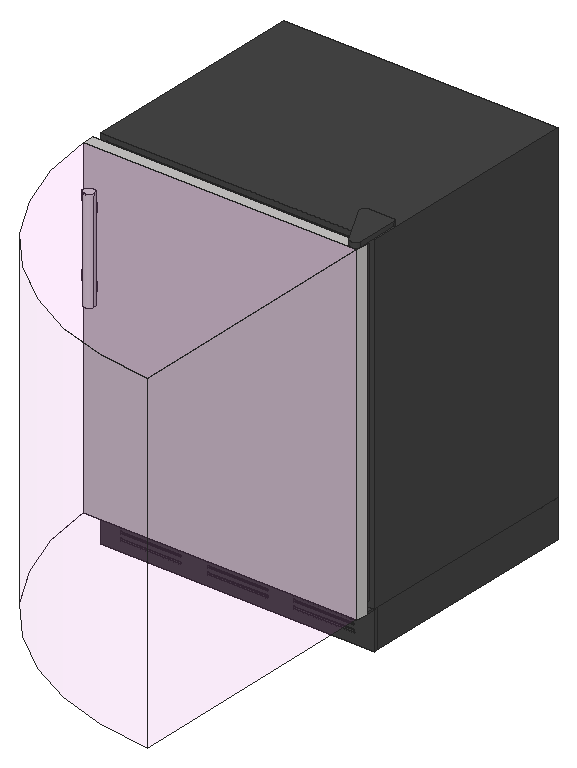
Revit family "QF_Summit_FF708BLSS_Refrigerator", category Specialty Equipment, Revit 2020
Family settings
  Round Connector Dimension = Use Diameter
  Part Type = Normal
  Work Plane-Based = No
  Always vertical = Yes
  Cut with Voids When Loaded = No
  Shared = No
  Room Calculation Point = No
Parameters
  Weight in Pounds = 100
  Watts = Volts * FL Amps  # 92 W
  Volts = 115 V
  URL Cutsheet = ""
  Specification by User = ""
  Specification by Manufacturer = ""
  Show LHD [instance] = no
  Right Hinged Door [instance] = not(Show LHD)  # yes
  Serial Number = ""
  Seismic Rating = ""
  SMACNA No = ""
  Revision Code = ""
  Refrigerant Volume = 0.00 kip
  Refrigerant Type = "R600a"
  Phase = 1
  Number of Poles = 1
  NAFEM Spec ID Number = ""
  Model = "FF708BLSS"
  Min Ckt Ampacity = 0 A
  Max Overcurrent Protection = 0 A
  Masterspec = ""
  Manufacturer = "Summit"
  Length = 23 5/8"
  Item Number = ""
  Installed By = ""
  Identify Quantity as Lot = yes
  Height = 32.63"
  HP = ""
  Furnished By = ""
  Foodservice Equipment Identifier = yes
  FL Amps = 0.8 A
  Electrical Remarks = ""
  Electric Connection Type = ""
  Elec Conn RI Height = 0"
  Elec Conn Connection Height = 0"
  Description = "Refrigerator"
  Depth = 22 3/8"
  Default Elevation = 0"
  Cycle = 60 Hz
  Conn Plug = ""
  Conn Conduit = yes
  CSI MasterFormat = ""
  BTUH = 0.0 Btu/h
  Apparent Power = if(Phase = 3, Volts * FL Amps * 1.73, Volts * FL Amps)  # 92 VA
Reference planes (in)
  plane 1 "BACK": y = 0
  plane 2: z = 0
  plane 3 "LEFT": x = 0
  plane 4 "RIGHT": x = 23.625
  plane 5 "FRONT": y = -22.375
  plane 6 "TOP": z = 32.63
  plane 7 "Center Y": x = 11.8125
  plane 8 "Center X": y = -11.1875
  plane 9: z = 32.255
  plane 10: y = -24
  plane 11: y = -45
  plane 12: y = -0.75
  plane 13: y = -20.5
  plane 14: z = 0.375
  plane 15: z = 3.625
  plane 16: x = 17.46169
Forms (in)
  Extrusion 1, solid, material "QF_Metallic_Paint_Black_Smooth"
    sketch origin (-4.07558, -180, 0.505) x (-1, 0, 0) y (0, -1, 0)
      loop
        line (-4.07558, -179.25) -> (-4.07558, -159.5) -> (-27.70058, -159.5) -> (-27.70058, -179.25) -> (-4.07558, -179.25)
    from 3.12 to 31.75
  Extrusion 2, solid, material "QF_Metal_Stainless_Polished"
    sketch origin (-5.77638, -180, 3.755) x (-1, 0, 0) y (0, -1, 0)
      loop
        line (-5.77638, -157.625) -> (-29.40138, -157.625) -> (-29.40138, -158.625) -> (-5.77638, -158.625) -> (-5.77638, -157.625)
    from -0.13 to 28.5
  Extrusion 3, solid, material "QF_Metallic_Paint_Black_Smooth"
    sketch origin (23.5, -21.375, 3.755) x (-1, 0, 0) y (0, 0, 1)
      loop
        line (0.375, 0.37) -> (23, 0.37) -> (23, 28) -> (0.375, 28) -> (0.375, 0.37)
    from 0 to 0.875
  Extrusion 4, solid, material "QF_Metallic_Paint_Black_Smooth", visible <- "Right Hinged Door"
    sketch origin (-5.77638, -180, 32.255) x (-1, 0, 0) y (0, -1, 0)
      loop
        arc (-29.27619, -161.7403) -> (-29.20297, -161.91708) -> (-29.02619, -161.9903) r 0.25
        line (-29.02619, -161.9903) -> (-26.9149, -161.9903)
        arc (-26.9149, -161.9903) -> (-26.55876, -161.78675) -> (-26.55339, -161.37658) r 0.41333
        line (-26.55339, -161.37658) -> (-28.47012, -157.91871)
        arc (-28.47012, -157.91871) -> (-28.95386, -157.71088) -> (-29.27619, -158.12717) r 0.42999
        line (-29.27619, -158.12717) -> (-29.27619, -161.7403)
    from 0 to 0.375
  Extrusion 5, solid, material "QF_Metal_Stainless_Polished", visible <- "Right Hinged Door"
    sketch origin (-1.6459, -180, 28.57544) x (-1, 0, 0) y (0, -1, 0)
      loop
        line (-1.6459, -158.625) -> (-1.5209, -158.625) -> (-1.5209, -157.55854) -> (-2.72981, -156.74311) -> (-3.38781, -156.74311) -> (-3.38781, -156.86811) -> (-2.76803, -156.86811) -> (-1.6459, -157.625) -> (-1.6459, -158.625)
    from 0 to -0.75
  Extrusion 6, solid, material "QF_Metal_Stainless_Polished", visible <- "Right Hinged Door"
    sketch origin (-4.89398, -180, 20.755) x (-1, 0, 0) y (0, -1, 0)
      loop
        circle (-6.30689, -156.43406) r 0.43516
    from 0 to 8.75
  Extrusion 7, solid, material "QF_Metal_Stainless_Polished", visible <- "Right Hinged Door"
    sketch origin (-1.6459, -180, 21.68456) x (0, 1, 0) y (1, 0, 0)
      loop
        line (158.625, 1.6459) -> (157.625, 1.6459) -> (156.86811, 2.76803) -> (156.86811, 3.38781) -> (156.74311, 3.38781) -> (156.74311, 2.72981) -> (157.55854, 1.5209) -> (158.625, 1.5209) -> (158.625, 1.6459)
    from 0 to -0.75
  Extrusion 8, solid, material "QF_Metallic_Paint_Black_Smooth", visible <- "Right Hinged Door"
    sketch origin (-5.77638, -180, 3.625) x (-1, 0, 0) y (0, -1, 0)
      loop
        line (-29.27619, -159.5) -> (-27.5936, -159.5) -> (-28.47012, -157.91871)
        arc (-28.47012, -157.91871) -> (-28.95386, -157.71088) -> (-29.27619, -158.12717) r 0.42999
        line (-29.27619, -158.12717) -> (-29.27619, -159.5)
    from 0 to -0.125
  Extrusion 9, solid, material "QF_Metallic_Paint_Black_Smooth"
    sketch origin (-12.48311, -20.5, 48.25) x (-1, 0, 0) y (0, 0, 1)
      loop
        line (-12.48311, -44.625) -> (-36.10811, -44.625) -> (-36.10811, -47.875) -> (-12.48311, -47.875) -> (-12.48311, -44.625)
      loop
        line (-14.18872, -45.26011) -> (-19.43872, -45.26011) -> (-19.43872, -45.51011) -> (-14.18872, -45.51011) -> (-14.18872, -45.26011)
      loop
        line (-14.18872, -45.76011) -> (-19.43872, -45.76011) -> (-19.43872, -46.01011) -> (-14.18872, -46.01011) -> (-14.18872, -45.76011)
      loop
        line (-14.18872, -46.26011) -> (-19.43872, -46.26011) -> (-19.43872, -46.51011) -> (-14.18872, -46.51011) -> (-14.18872, -46.26011)
      loop
        line (-14.18872, -46.76011) -> (-19.43872, -46.76011) -> (-19.43872, -47.01011) -> (-14.18872, -47.01011) -> (-14.18872, -46.76011)
      loop
        line (-21.67061, -45.26011) -> (-26.92061, -45.26011) -> (-26.92061, -45.51011) -> (-21.67061, -45.51011) -> (-21.67061, -45.26011)
      loop
        line (-21.67061, -45.76011) -> (-26.92061, -45.76011) -> (-26.92061, -46.01011) -> (-21.67061, -46.01011) -> (-21.67061, -45.76011)
      loop
        line (-21.67061, -46.26011) -> (-26.92061, -46.26011) -> (-26.92061, -46.51011) -> (-21.67061, -46.51011) -> (-21.67061, -46.26011)
      loop
        line (-21.67061, -46.76011) -> (-26.92061, -46.76011) -> (-26.92061, -47.01011) -> (-21.67061, -47.01011) -> (-21.67061, -46.76011)
      loop
        line (-34.40249, -45.26011) -> (-34.40249, -45.51011) -> (-29.15249, -45.51011) -> (-29.15249, -45.26011) -> (-34.40249, -45.26011)
      loop
        line (-34.40249, -45.76011) -> (-34.40249, -46.01011) -> (-29.15249, -46.01011) -> (-29.15249, -45.76011) -> (-34.40249, -45.76011)
      loop
        line (-34.40249, -46.26011) -> (-34.40249, -46.51011) -> (-29.15249, -46.51011) -> (-29.15249, -46.26011) -> (-34.40249, -46.26011)
      loop
        line (-34.40249, -46.76011) -> (-34.40249, -47.01011) -> (-29.15249, -47.01011) -> (-29.15249, -46.76011) -> (-34.40249, -46.76011)
    from 0 to 0.25
  Extrusion 10, solid, material "QF_Metallic_Paint_Black_Smooth"
    sketch origin (-12.48311, -1, 48.38) x (-1, 0, 0) y (0, 0, 1)
      loop
        line (-12.48311, -44.755) -> (-36.10811, -44.755) -> (-36.10811, -48.005) -> (-12.48311, -48.005) -> (-12.48311, -44.755)
    from -19.25 to 0.25
  Extrusion 11, solid, material "QF_Metallic_Paint_Black_Smooth"
    sketch origin (-4.07558, -180, 0.375) x (-1, 0, 0) y (0, -1, 0)
      loop
        circle (-7.18598, -161.5) r 0.5
      loop
        circle (-7.18598, -177.25) r 0.5
      loop
        circle (-24.59018, -161.5) r 0.5
      loop
        circle (-24.59018, -177.25) r 0.5
    from 0 to -0.375
  Extrusion 12, solid, material "QF_Metal_Stainless_Polished"
    sketch origin (0, -0.75, 0.505) x (1, 0, 0) y (0, 0, -1)
      loop
        circle (17.46169, -0.84184) r 0.25
    from 0 to 0.25
  Extrusion 13, solid, material "QF_Metallic_Paint_Black_Smooth"
    sketch origin (0, -0.75, 18.005) x (0, -1, 0) y (1, 0, 0)
      loop
        line (-0.75, 9.30778) -> (0, 9.30778) -> (0, 14.31722) -> (-0.75, 14.31722) -> (-0.75, 9.30778)
    from -3 to 3
  Extrusion 14, solid, material "QF_Clearances_Door_Drawer", visible <- "Right Hinged Door"
    sketch origin (-5.77638, -180, 3.625) x (0, -1, 0) y (-1, 0, 0)
      loop
        line (-157.625, -29.40138) -> (-135, -29.40138)
        arc (-135, -29.40138) -> (-141.73517, -13.2053) -> (-157.625, -5.77638) r 24.27307
        line (-157.625, -5.77638) -> (-157.625, -29.40138)
    from 0 to -28.63
  Extrusion 15, solid, material "QF_Metallic_Paint_Black_Smooth", visible <- "Show LHD"
    sketch origin (29.40138, -180, 32.255) x (1, 0, 0) y (0, 1, 0)
      loop
        line (-29.27619, 161.7403) -> (-29.27619, 158.12717)
        arc (-29.27619, 158.12717) -> (-28.95386, 157.71088) -> (-28.47012, 157.91871) r 0.42999
        line (-28.47012, 157.91871) -> (-26.55339, 161.37658)
        arc (-26.55339, 161.37658) -> (-26.55876, 161.78675) -> (-26.9149, 161.9903) r 0.41333
        line (-26.9149, 161.9903) -> (-29.02619, 161.9903)
        arc (-29.02619, 161.9903) -> (-29.20297, 161.91708) -> (-29.27619, 161.7403) r 0.25
    from 0 to 0.375
  Extrusion 16, solid, material "QF_Metal_Stainless_Polished", visible <- "Show LHD"
    sketch origin (25.2709, -180, 28.57544) x (1, 0, 0) y (0, 1, 0)
      loop
        line (-1.6459, 158.625) -> (-1.6459, 157.625) -> (-2.76803, 156.86811) -> (-3.38781, 156.86811) -> (-3.38781, 156.74311) -> (-2.72981, 156.74311) -> (-1.5209, 157.55854) -> (-1.5209, 158.625) -> (-1.6459, 158.625)
    from 0 to -0.75
  Extrusion 17, solid, material "QF_Metal_Stainless_Polished", visible <- "Show LHD"
    sketch origin (28.51898, -180, 20.755) x (1, 0, 0) y (0, 1, 0)
      loop
        circle (-6.30689, 156.43406) r 0.43516
    from 0 to 8.75
  Extrusion 18, solid, material "QF_Metal_Stainless_Polished", visible <- "Show LHD"
    sketch origin (25.2709, -180, 21.68456) x (0, -1, 0) y (-1, 0, 0)
      loop
        line (-158.625, 1.6459) -> (-158.625, 1.5209) -> (-157.55854, 1.5209) -> (-156.74311, 2.72981) -> (-156.74311, 3.38781) -> (-156.86811, 3.38781) -> (-156.86811, 2.76803) -> (-157.625, 1.6459) -> (-158.625, 1.6459)
    from 0 to -0.75
  Extrusion 19, solid, material "QF_Metallic_Paint_Black_Smooth", visible <- "Show LHD"
    sketch origin (29.40138, -180, 3.625) x (1, 0, 0) y (0, 1, 0)
      loop
        line (-29.27619, 159.5) -> (-29.27619, 158.12717)
        arc (-29.27619, 158.12717) -> (-28.95386, 157.71088) -> (-28.47012, 157.91871) r 0.42999
        line (-28.47012, 157.91871) -> (-27.5936, 159.5) -> (-29.27619, 159.5)
    from 0 to -0.125
  Extrusion 20, solid, material "QF_Clearances_Door_Drawer", visible <- "Show LHD"
    sketch origin (29.40138, -180, 3.625) x (0, 1, 0) y (1, 0, 0)
      loop
        line (157.625, -29.40138) -> (157.625, -5.77638)
        arc (157.625, -5.77638) -> (141.73517, -13.2053) -> (135, -29.40138) r 24.27307
        line (135, -29.40138) -> (157.625, -29.40138)
    from 0 to -28.63
Lines and regions (in)
  symbolic lines
    curve 1: line (0, -0.75, 0) -> (23.625, -0.75, 0)
    curve 2: line (0, -20.5, 0) -> (0, -0.75, 0)
    curve 3: line (23.625, -20.5, 0) -> (23.49982, -20.5, 0)
    curve 4: line (23.625, -0.75, 0) -> (23.625, -20.5, 0)
    curve 5: line (21.81722, -20.5, 0) -> (1.80778, -20.5, 0)
    curve 12: line (23.625, -22.375, 0) -> (0, -22.375, 0)
    curve 13: line (0, -21.375, 0) -> (0, -22.375, 0)
    curve 14: line (23.625, -21.375, 0) -> (23.49982, -21.375, 0)
    curve 15: line (23.625, -22.375, 0) -> (23.625, -21.375, 0)
    curve 16: line (22.30224, -21.375, 0) -> (1.32276, -21.375, 0)
    curve 28: line (9.30778, -0.75, 0) -> (9.30778, 0, 0)
    curve 29: line (9.30778, 0, 0) -> (14.31722, 0, 0)
    curve 30: line (14.31722, 0, 0) -> (14.31722, -0.75, 0)
    curve 42: line (0.12518, -20.5, 0) -> (0, -20.5, 0)
    curve 44: line (0.12518, -21.375, 0) -> (0, -21.375, 0)
  symbolic lines, visible <- "Right Hinged Door"
    curve 6: line (23.49982, -21.87283, 0) -> (23.49982, -18.2597, 0)
    curve 7: arc (23.49982, -18.2597, 0) -> (23.42659, -18.08292, 0) -> (23.24982, -18.0097, 0) r 0.25
    curve 8: line (23.24982, -18.0097, 0) -> (21.13852, -18.0097, 0)
    curve 9: arc (21.13852, -18.0097, 0) -> (20.78238, -18.21325, 0) -> (20.77701, -18.62342, 0) r 0.41333
    curve 10: line (20.77701, -18.62342, 0) -> (22.69374, -22.08129, 0)
    curve 11: arc (22.69374, -22.08129, 0) -> (23.17748, -22.28912, 0) -> (23.49982, -21.87283, 0) r 0.42999
    curve 17: line (-0.125, -21.375, 0) -> (-0.125, -22.44146, 0)
    curve 18: line (-0.125, -22.44146, 0) -> (1.08391, -23.25689, 0)
    curve 19: arc (0.97776, -23.56594, 0) -> (1.41291, -24.0011, 0) -> (1.84807, -23.56594, 0) r 0.43516
    curve 20: line (1.74192, -23.13189, 0) -> (1.12213, -23.13189, 0)
    curve 21: line (1.12213, -23.13189, 0) -> (0, -22.375, 0)
    curve 22: line (1.74192, -23.25689, 0) -> (1.74192, -23.13189, 0)
    curve 23: arc (1.84807, -23.56594, 0) -> (1.73137, -23.26938, 0) -> (1.44385, -23.13189, 0) r 0.43516
    curve 24: line (1.08391, -23.25689, 0) -> (1.10657, -23.25689, 0)
    curve 25: line (1.71926, -23.25689, 0) -> (1.74192, -23.25689, 0)
    curve 26: arc (1.38198, -23.13189, 0) -> (1.09446, -23.26938, 0) -> (0.97776, -23.56594, 0) r 0.43516
    curve 27: line (0.5, -21.375, 0) -> (0.5, -20.5, 0)
    curve 41: line (1.80778, -20.5, 0) -> (0.12518, -20.5, 0)
    curve 43: line (1.32276, -21.375, 0) -> (0.12518, -21.375, 0)
    curve 48: line (0, -21.375, 0) -> (-0.125, -21.375, 0)
  symbolic lines, style "QF_Clearances_Door_Drawer", visible <- "Right Hinged Door"
    curve 31: line (23.625, -22.375, 0) -> (3.7814, -33.83171, 0)
    curve 32: arc (3.7814, -33.83171, 0) -> (1.19256, -28.41738, 0) -> (0.01125, -22.53337, 0) r 24.27307
  symbolic lines, style "QF_Clearances_Door_Drawer", visible <- "Show LHD"
    curve 33: line (0, -22.375, 0) -> (19.8436, -33.83171, 0)
    curve 34: arc (19.8436, -33.83171, 0) -> (22.43244, -28.41738, 0) -> (23.61375, -22.53337, 0) r 24.27307
  symbolic lines, visible <- "Show LHD"
    curve 35: line (0.12518, -21.87283, 0) -> (0.12518, -18.2597, 0)
    curve 36: arc (0.12518, -18.2597, 0) -> (0.19841, -18.08292, 0) -> (0.37518, -18.0097, 0) r 0.25
    curve 37: line (0.37518, -18.0097, 0) -> (2.48648, -18.0097, 0)
    curve 38: arc (2.48648, -18.0097, 0) -> (2.84262, -18.21325, 0) -> (2.84799, -18.62342, 0) r 0.41333
    curve 39: line (2.84799, -18.62342, 0) -> (0.93126, -22.08129, 0)
    curve 40: arc (0.93126, -22.08129, 0) -> (0.44752, -22.28912, 0) -> (0.12518, -21.87283, 0) r 0.42999
    curve 45: line (23.125, -21.375, 0) -> (23.125, -20.5, 0)
    curve 46: line (21.81722, -20.5, 0) -> (23.49982, -20.5, 0)
    curve 47: line (22.30224, -21.375, 0) -> (23.49982, -21.375, 0)
    curve 49: line (23.75, -21.375, 0) -> (23.75, -22.44146, 0)
    curve 50: line (23.75, -22.44146, 0) -> (22.54109, -23.25689, 0)
    curve 51: arc (22.64724, -23.56594, 0) -> (22.21209, -24.0011, 0) -> (21.77693, -23.56594, 0) r 0.43516
    curve 52: line (21.88308, -23.13189, 0) -> (22.50287, -23.13189, 0)
    curve 53: line (22.50287, -23.13189, 0) -> (23.625, -22.375, 0)
    curve 54: line (21.88308, -23.25689, 0) -> (21.88308, -23.13189, 0)
    curve 55: arc (21.77693, -23.56594, 0) -> (21.89363, -23.26938, 0) -> (22.18115, -23.13189, 0) r 0.43516
    curve 56: arc (22.24302, -23.13189, 0) -> (22.53054, -23.26938, 0) -> (22.64724, -23.56594, 0) r 0.43516
    curve 57: line (23.625, -21.375, 0) -> (23.75, -21.375, 0)
    curve 58: line (22.54109, -23.25689, 0) -> (22.51843, -23.25689, 0)
    curve 59: line (21.90574, -23.25689, 0) -> (21.88308, -23.25689, 0)
Dimensions and locks (in)
  equal spacing: plane 3 "LEFT", plane 7 "Center Y", plane 4 "RIGHT"
  "Length": plane 3 "LEFT" to plane 4 "RIGHT"
  equal spacing: plane 5 "FRONT", plane 8 "Center X", plane 1 "BACK"
  "Depth": plane 5 "FRONT" to plane 1 "BACK"
  "Height": plane 6 "TOP" to level
  plane 4 "RIGHT" to plane 3 "LEFT" = 23 5/8"
  plane 9 to plane 2 = 32.255"
  plane 6 "TOP" to plane 9 = 3/8"
  plane 10 to plane 5 "FRONT" = 1 5/8"
  plane 1 "BACK" to plane 12 = 3/4"
  plane 12 to plane 13 = 19 3/4"
  plane 13 to plane 11 = 24 1/2"
  plane 12 to plane 11 = 44 1/4"
  plane 14 to plane 2 = 3/8"
  locked: plane 15 to plane 14 at 3.25
  plane 9 to plane 14 = 31.88"
  aligned and locked: level to plane 2
Automatic sketch dimensions
  Extrusion 1 sketch curve to plane 4 "RIGHT" = 0"
  Extrusion 1 sketch curve to plane 3 "LEFT" = 0"
  Extrusion 1 sketch curve to plane 12 = 0"
  Extrusion 1 sketch curve to plane 13 = 0"
  Extrusion 2 sketch curve to plane 4 "RIGHT" = 0"
  Extrusion 2 sketch curve to plane 3 "LEFT" = 0"
  plane 5 "FRONT" to Extrusion 2 sketch curve = 0"
  Extrusion 2 sketch curve to plane 13 = 7/8"
  Extrusion 2 to Extrusion 3 sketch curve = 1/2"  (x3)
  Extrusion 3 sketch curve to Extrusion 2 = 1/2"
  Extrusion 4 sketch curve to Extrusion 2 = 0.12518"
  Extrusion 4 sketch curve to Extrusion 4 sketch curve = 1/4"
  Extrusion 4 sketch curve to Extrusion 4 sketch curve = 0.42999"
  Extrusion 4 sketch curve to Extrusion 2 = 0.29371"
  Extrusion 4 sketch curve to Extrusion 4 sketch curve = 0.37608"
  Extrusion 4 sketch curve to Extrusion 4 sketch curve = 2.1113"
  Extrusion 4 sketch curve to Extrusion 4 sketch curve = 0.36151"
  Extrusion 2 to Extrusion 4 sketch curve = 2.75158"
  Extrusion 4 sketch curve to Extrusion 4 sketch curve = 0.20039"
  Extrusion 5 sketch curve to plane 3 "LEFT" = 0"
  plane 5 "FRONT" to Extrusion 5 sketch curve = 0"
  plane 3 "LEFT" to Extrusion 5 sketch curve = 1.08391"
  Extrusion 5 sketch curve to Extrusion 5 sketch curve = 0.03822"
  Extrusion 5 sketch curve to Extrusion 5 sketch curve = 0.61979"
  Extrusion 5 sketch curve to plane 3 "LEFT" = 1/8"
  Extrusion 5 sketch curve to plane 13 = 7/8"
  plane 5 "FRONT" to Extrusion 5 sketch curve = 0.06646"
  plane 5 "FRONT" to Extrusion 5 sketch curve = 0.75689"
  Extrusion 5 sketch curve to Extrusion 5 sketch curve = 1/8"
  plane 10 to Extrusion 6 sketch curve = 0.43406"
  plane 3 "LEFT" to Extrusion 6 sketch curve = 1.41291"
  Extrusion 7 sketch curve to plane 3 "LEFT" = 0"
  plane 5 "FRONT" to Extrusion 7 sketch curve = 0"
  plane 5 "FRONT" to Extrusion 7 sketch curve = 0.06646"
  plane 5 "FRONT" to Extrusion 7 sketch curve = 0.75689"
  Extrusion 7 sketch curve to Extrusion 7 sketch curve = 1/8"
  Extrusion 7 sketch curve to plane 3 "LEFT" = 1/8"
  Extrusion 7 sketch curve to plane 13 = 7/8"
  plane 3 "LEFT" to Extrusion 7 sketch curve = 1.08391"
  Extrusion 7 sketch curve to Extrusion 7 sketch curve = 0.03822"
  Extrusion 7 sketch curve to Extrusion 7 sketch curve = 0.61979"
  Extrusion 8 sketch curve to plane 13 = 0"
  plane 4 "RIGHT" to Extrusion 8 sketch curve = 0.12518"
  Extrusion 8 sketch curve to Extrusion 8 sketch curve = 0.42999"
  Extrusion 8 sketch curve to plane 5 "FRONT" = 0.29371"
  Extrusion 8 sketch curve to Extrusion 8 sketch curve = 0.37608"
  Extrusion 8 sketch curve to Extrusion 8 sketch curve = 1.6826"
  plane 4 "RIGHT" to Extrusion 9 sketch curve = 0"
  Extrusion 9 sketch curve to plane 3 "LEFT" = 0"
  Extrusion 9 sketch curve to plane 14 = 0"
  Extrusion 9 sketch curve to plane 15 = 0"
  plane 4 "RIGHT" to Extrusion 9 sketch curve = 1.70562"
  Extrusion 9 sketch curve to Extrusion 9 sketch curve = 0"  (x18)
  plane 16 to Extrusion 9 sketch curve = 0.79231"
  plane 14 to Extrusion 9 sketch curve = 0.86489"  (x2)
  Extrusion 9 sketch curve to Extrusion 9 sketch curve = 2.23188"  (x2)
  Extrusion 9 sketch curve to plane 15 = 1.13511"
  Extrusion 9 sketch curve to plane 7 "Center Y" = 2 5/8"
  plane 14 to Extrusion 9 sketch curve = 1.11489"
  plane 3 "LEFT" to Extrusion 9 sketch curve = 1.70562"
  Extrusion 9 sketch curve to Extrusion 9 sketch curve = 1/4"  (x20)
  plane 4 "RIGHT" to Extrusion 10 sketch curve = 0"
  Extrusion 10 sketch curve to plane 3 "LEFT" = 0"
  Extrusion 10 sketch curve to plane 14 = 0"
  Extrusion 10 sketch curve to plane 15 = 0"
  Extrusion 11 sketch curve to plane 16 = 3.05291"  (x2)
  plane 3 "LEFT" to Extrusion 11 sketch curve = 3.1104"  (x2)
  Extrusion 11 sketch curve to plane 12 = 2"  (x2)
  plane 13 to Extrusion 11 sketch curve = 2"  (x2)
  Extrusion 12 sketch curve to Extrusion 1 = 2.27816"
  Extrusion 12 sketch curve to Extrusion 1 = 6.16331"
  plane 1 "BACK" to Extrusion 13 sketch curve = 0"
  Extrusion 13 sketch curve to plane 12 = 0"
  Extrusion 13 sketch curve to plane 7 "Center Y" = 2.50472"
  plane 7 "Center Y" to Extrusion 13 sketch curve = 2.50472"
  Extrusion 14 sketch curve to Extrusion 2 = 0"  (x3)
  Extrusion 14 sketch curve to Extrusion 2 = 0.64083"
  Extrusion 14 sketch curve to Extrusion 14 sketch curve = 22 5/8"
  Extrusion 15 sketch curve to Extrusion 2 = 0.12518"
  Extrusion 15 sketch curve to Extrusion 15 sketch curve = 1/4"
  Extrusion 15 sketch curve to Extrusion 15 sketch curve = 0.42999"
  Extrusion 15 sketch curve to Extrusion 2 = 0.29371"
  Extrusion 15 sketch curve to Extrusion 15 sketch curve = 0.37608"
  Extrusion 15 sketch curve to Extrusion 15 sketch curve = 2.1113"
  Extrusion 15 sketch curve to Extrusion 15 sketch curve = 0.36151"
  Extrusion 2 to Extrusion 15 sketch curve = 2.75158"
  Extrusion 15 sketch curve to Extrusion 15 sketch curve = 0.20039"
  Extrusion 16 sketch curve to plane 4 "RIGHT" = 0"
  plane 5 "FRONT" to Extrusion 16 sketch curve = 0"
  plane 4 "RIGHT" to Extrusion 16 sketch curve = 1.08391"
  Extrusion 16 sketch curve to Extrusion 16 sketch curve = 0.03822"
  Extrusion 16 sketch curve to Extrusion 16 sketch curve = 0.61979"
  Extrusion 16 sketch curve to plane 4 "RIGHT" = 1/8"
  plane 5 "FRONT" to Extrusion 16 sketch curve = 0.06646"
  plane 5 "FRONT" to Extrusion 16 sketch curve = 0.75689"
  Extrusion 16 sketch curve to Extrusion 16 sketch curve = 1/8"
  Extrusion 16 sketch curve to plane 13 = 7/8"
  plane 10 to Extrusion 17 sketch curve = 0.43406"
  plane 4 "RIGHT" to Extrusion 17 sketch curve = 1.41291"
  Extrusion 18 sketch curve to plane 4 "RIGHT" = 0"
  plane 5 "FRONT" to Extrusion 18 sketch curve = 0"
  Extrusion 18 sketch curve to plane 4 "RIGHT" = 1/8"
  Extrusion 18 sketch curve to plane 13 = 7/8"
  plane 5 "FRONT" to Extrusion 18 sketch curve = 0.06646"
  plane 5 "FRONT" to Extrusion 18 sketch curve = 0.75689"
  Extrusion 18 sketch curve to Extrusion 18 sketch curve = 1/8"
  plane 4 "RIGHT" to Extrusion 18 sketch curve = 1.08391"
  Extrusion 18 sketch curve to Extrusion 18 sketch curve = 0.03822"
  Extrusion 18 sketch curve to Extrusion 18 sketch curve = 0.61979"
  Extrusion 19 sketch curve to plane 13 = 0"
  plane 3 "LEFT" to Extrusion 19 sketch curve = 0.12518"
  Extrusion 19 sketch curve to Extrusion 19 sketch curve = 0.42999"
  Extrusion 19 sketch curve to plane 5 "FRONT" = 0.29371"
  Extrusion 19 sketch curve to Extrusion 19 sketch curve = 0.37608"
  Extrusion 19 sketch curve to Extrusion 19 sketch curve = 1.6826"
  Extrusion 20 sketch curve to Extrusion 2 = 0"  (x3)
  Extrusion 20 sketch curve to Extrusion 20 sketch curve = 22 5/8"
  Extrusion 20 sketch curve to Extrusion 2 = 0.59255"
  curve 19 to curve 26 = 0"
  curve 23 to curve 26 = 0"
  curve 51 to curve 55 = 0"
  curve 51 to curve 56 = 0"
  curve 2 to plane 3 "LEFT" = 0"
  curve 33 to plane 3 "LEFT" = 0"
  curve 41 to plane 13 = 0"
  curve 42 to plane 13 = 0"
  curve 5 to plane 13 = 0"
  plane 1 "BACK" to curve 28 = 0"
  curve 28 to plane 12 = 0"
  curve 46 to plane 13 = 0"
  curve 3 to plane 13 = 0"
  curve 4 to plane 4 "RIGHT" = 0"
  curve 31 to plane 4 "RIGHT" = 0"
  plane 5 "FRONT" to curve 31 = 0"
  curve 17 to plane 3 "LEFT" = 1/8"
  curve 34 to plane 13 = 0.23417"
  curve 34 to plane 3 "LEFT" = 0.59255"
  plane 3 "LEFT" to curve 35 = 0.12518"
  curve 35 to curve 36 = 1/4"
  curve 35 to curve 40 = 0.42999"
  curve 39 to plane 5 "FRONT" = 0.29371"
  curve 40 to curve 39 = 0.37608"
  plane 10 to curve 18 = 0.74311"
  plane 3 "LEFT" to curve 18 = 1.08391"
  curve 18 to curve 21 = 0.03822"
  curve 18 to curve 19 = 0.329"
  curve 23 to curve 25 = 0.329"
  curve 37 to curve 37 = 2.1113"
  curve 38 to curve 39 = 0.36151"
  plane 3 "LEFT" to curve 31 = 3.7814"
  curve 28 to plane 7 "Center Y" = 2.50472"
  plane 7 "Center Y" to curve 30 = 2.50472"
  curve 33 to plane 16 = 2.38191"
  plane 4 "RIGHT" to curve 10 = 2.84799"
  curve 9 to curve 8 = 0.36151"
  plane 5 "FRONT" to curve 54 = 0.75689"
  plane 4 "RIGHT" to curve 54 = 1.74192"
  curve 54 to curve 56 = 0.329"
  curve 51 to curve 53 = 0.29079"
  curve 10 to plane 5 "FRONT" = 0.29371"
  plane 4 "RIGHT" to curve 10 = 0.93126"
  curve 10 to curve 11 = 0.37608"
  plane 4 "RIGHT" to curve 8 = 0.37518"
  plane 4 "RIGHT" to curve 6 = 0.12518"
  curve 49 to plane 4 "RIGHT" = 1/8"
  curve 32 to plane 13 = 0.23417"
  curve 32 to plane 4 "RIGHT" = 0.59255"
  plane 10 to curve 26 = 0.43406"
  plane 10 to curve 56 = 0.43406"
  curve 33 to plane 10 = 9.83171"
  curve 31 to plane 10 = 9.83171"
  curve 19 to curve 22 = 0.30906"
  curve 22 to curve 22 = 1/8"
  plane 5 "FRONT" to curve 17 = 0.06646"
  plane 5 "FRONT" to curve 49 = 0.06646"
  curve 11 to curve 57 = 0.49783"
  curve 40 to curve 48 = 0.49783"
  plane 13 to curve 39 = 1.87658"
  plane 13 to curve 10 = 1.87658"
  curve 9 to curve 9 = 0.20039"
  curve 38 to curve 38 = 0.20039"
  curve 41 to curve 27 = 0.37482"
  curve 19 to curve 18 = 0.10616"
  curve 40 to curve 43 = 0.3915"
  curve 16 to curve 43 = 0"
  curve 55 to curve 54 = 0.10616"
  curve 47 to curve 16 = 0"
  curve 52 to curve 58 = 0.03822"
  curve 45 to curve 3 = 0.37482"
  plane 4 "RIGHT" to curve 34 = 0.01125"
  curve 54 to curve 52 = 1/8"
  radius of Extrusion 6 sketch curve = 0.43516"
  radius of Extrusion 11 sketch curve = 1/2"  (x4)
  radius of Extrusion 12 sketch curve = 1/4"
  radius of Extrusion 17 sketch curve = 0.43516"
Connectors (in)
  electrical at (17.46169, -0.5, 1.34684), driven by "Volts", driven by "Watts"
    settings: on Extrusion 12, index 2, voltage 115 V, apparent load 92 VA, apparent load phase1 0 VA, apparent load phase2 0 VA, apparent load phase3 0 VA, power factor 1, load classification "Other", number of poles 1, system type 30, power factor state 1, is connector primary yes, connector utility no, sub classification motor no, connector description ""
